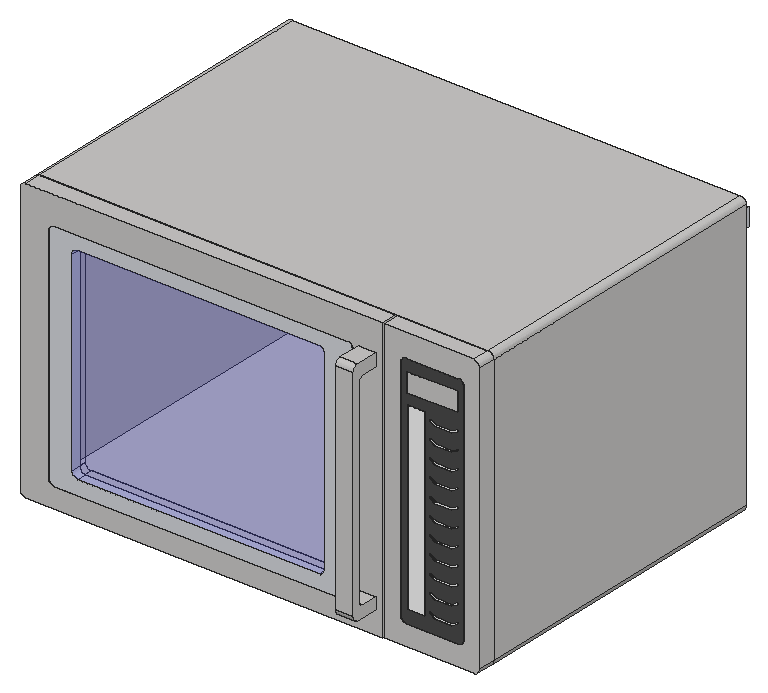
Revit family
Parameters (values of type "RMS10T")
  Weight in Pounds = 32
  Watts = 1150 W
  Watermarked By = "http://revitwatermark.com"
  Volts = 120 V
  URL Manufacturer = ""
  URL Cutsheet = ""
  URL = "www.acpsolutions.com"
  Status [instance] = ""
  Specification by User [instance] = ""
  Specification by Manufacturer = ""
  Serial Number = ""
  Seismic Rating [instance] = ""
  SMACNA No [instance] = ""
  Revision Code [instance] = ""
  Phase = 1
  Number of Poles [instance] = 1
  NAFEM Spec ID Number = ""
  Model = "RMS10T"
  Masterspec = ""
  Manufacturer = "Amana"
  Item Number [instance] = "-"
  Installed By [instance] = ""
  Identify Quantity as Lot [instance] = yes
  HP = ""
  Furnished By [instance] = ""
  Foodservice Equipment Identifier [instance] = yes
  FL Amps = 9.6 A
  Electrical Remarks [instance] = ""
  Electric Connection Type [instance] = ""
  Elec Conn RI Height [instance] = 0' - 0"
  Elec Conn Connection Height [instance] = 0' - 11 1/4"
  Description = "Microwave Oven"
  Cycle = 60 Hz
  Conn Plug = "NEMA 5-15"
  Conn Conduit = yes
  CSI MasterFormat = "11 44 16"
  Assembly Code = "E1090320"
  Apparent Power = if(Phase = 3, Volts * FL Amps * 1.73, Volts * FL Amps)  # 1152 VA
Types (3): name | Watermarked By | Model
  (no name) | "" | "RMS10T"
  RMS10T | "http://revitwatermark.com" | "RMS10T"
  RMS10TS | "BB" | "RMS10TS"
Reference planes (in)
  plane 1 "BACK": y = -1
  plane 2: z = 0
  plane 3 "LEFT": x = 0
  plane 4 "RIGHT": x = 20
  plane 5 "FRONT": y = -16.25
  plane 6 "TOP": z = 12.75
  plane 7: y = -1.75
  plane 8: y = -15.5
  plane 9: z = 0.5
  plane 10: x = 17.5
  plane 11: x = 2.5
  plane 12: y = -2.25
  plane 13: y = -13.5
  plane 14: z = 11.75
  plane 15: x = 18.75
  plane 16: y = -17.5
  plane 17: x = 19.5
  plane 18: x = 18
  plane 19: z = 11.91016
  plane 20: x = 23
  plane 21: z = 15.75
  plane 22: y = -29.97266
Forms (in)
  Extrusion 1, solid, material "QF_Finishes_Stainless Steel"
    sketch origin (0, -16.25, 0) x (1, 0, 0) y (0, 0, 1)
      loop
        arc (0.25, 12.75) -> (0.07322, 12.67678) -> (0, 12.5) r 0.25
        line (0, 12.5) -> (0, 0.75)
        arc (0, 0.75) -> (0.07322, 0.57322) -> (0.25, 0.5) r 0.25
        line (0.25, 0.5) -> (15.76643, 0.5) -> (15.76643, 12.75) -> (0.25, 12.75)
      loop
        line (1.24006, 11.25067) -> (1.24006, 1.62113)
        arc (1.24006, 1.62113) -> (1.31328, 1.44435) -> (1.49006, 1.37113) r 0.25
        line (1.49006, 1.37113) -> (14.24006, 1.37113)
        arc (14.24006, 1.37113) -> (14.41683, 1.44435) -> (14.49006, 1.62113) r 0.25
        line (14.49006, 1.62113) -> (14.49006, 11.25067)
        arc (14.49006, 11.25067) -> (14.41683, 11.42745) -> (14.24006, 11.50067) r 0.25
        line (14.24006, 11.50067) -> (1.49006, 11.50067)
        arc (1.49006, 11.50067) -> (1.31328, 11.42745) -> (1.24006, 11.25067) r 0.25
      loop
        arc (13.24719, 10.69398) -> (13.17396, 10.87075) -> (12.99719, 10.94398) r 0.25
        line (12.99719, 10.94398) -> (2.49719, 10.94398)
        arc (2.49719, 10.94398) -> (2.32041, 10.87075) -> (2.24719, 10.69398) r 0.25
        line (2.24719, 10.69398) -> (2.24719, 2.25)
        arc (2.24719, 2.25) -> (2.32041, 2.07322) -> (2.49719, 2) r 0.25
        line (2.49719, 2) -> (12.99719, 2)
        arc (12.99719, 2) -> (13.17396, 2.07322) -> (13.24719, 2.25) r 0.25
        line (13.24719, 2.25) -> (13.24719, 10.69398)
    from 0 to -0.75
  Extrusion 2, solid, material "QF_Finishes_Stainless Steel"
    sketch origin (0, -16.25, 0) x (1, 0, 0) y (0, 0, 1)
      loop
        arc (0.25, 12.75) -> (0.07322, 12.67678) -> (0, 12.5) r 0.25
        line (0, 12.5) -> (0, 0.75)
        arc (0, 0.75) -> (0.07322, 0.57322) -> (0.25, 0.5) r 0.25
        line (0.25, 0.5) -> (19.75, 0.5)
        arc (19.75, 0.5) -> (19.92678, 0.57322) -> (20, 0.75) r 0.25
        line (20, 0.75) -> (20, 12.5)
        arc (20, 12.5) -> (19.92678, 12.67678) -> (19.75, 12.75) r 0.25
        line (19.75, 12.75) -> (0.25, 12.75)
    from -0.75 to -14.5
  Extrusion 3, solid, material "QF_Finishes_Stainless Steel"
    sketch origin (0, -16.25, 0) x (1, 0, 0) y (0, 0, 1)
      loop
        line (19.75, 12.75) -> (15.85012, 12.75) -> (15.85012, 0.5) -> (19.75, 0.5)
        arc (19.75, 0.5) -> (19.92678, 0.57322) -> (20, 0.75) r 0.25
        line (20, 0.75) -> (20, 12.5)
        arc (20, 12.5) -> (19.92678, 12.67678) -> (19.75, 12.75) r 0.25
      loop
        line (19.07027, 11.75) -> (16.8153, 11.75)
        arc (16.8153, 11.75) -> (16.63852, 11.67678) -> (16.5653, 11.5) r 0.25
        line (16.5653, 11.5) -> (16.5653, 1.66169)
        arc (16.5653, 1.66169) -> (16.63852, 1.48491) -> (16.8153, 1.41169) r 0.25
        line (16.8153, 1.41169) -> (19.07027, 1.41169)
        arc (19.07027, 1.41169) -> (19.24704, 1.48491) -> (19.32027, 1.66169) r 0.25
        line (19.32027, 1.66169) -> (19.32027, 11.5)
        arc (19.32027, 11.5) -> (19.24704, 11.67678) -> (19.07027, 11.75) r 0.25
    from 0 to -0.75
  Extrusion 4, solid
    sketch origin (0, -16.25, 0) x (1, 0, 0) y (0, 0, 1)
      loop
        arc (1.49006, 11.50067) -> (1.31328, 11.42745) -> (1.24006, 11.25067) r 0.25
        line (1.24006, 11.25067) -> (1.24006, 1.62113)
        arc (1.24006, 1.62113) -> (1.31328, 1.44435) -> (1.49006, 1.37113) r 0.25
        line (1.49006, 1.37113) -> (14.24006, 1.37113)
        arc (14.24006, 1.37113) -> (14.41683, 1.44435) -> (14.49006, 1.62113) r 0.25
        line (14.49006, 1.62113) -> (14.49006, 11.25067)
        arc (14.49006, 11.25067) -> (14.41683, 11.42745) -> (14.24006, 11.50067) r 0.25
        line (14.24006, 11.50067) -> (1.49006, 11.50067)
      loop
        arc (2.49719, 10.78026) -> (2.32041, 10.70704) -> (2.24719, 10.53026) r 0.25
        line (2.24719, 10.53026) -> (2.24719, 2.25)
        arc (2.24719, 2.25) -> (2.32041, 2.07322) -> (2.49719, 2) r 0.25
        line (2.49719, 2) -> (12.99719, 2)
        arc (12.99719, 2) -> (13.17396, 2.07322) -> (13.24719, 2.25) r 0.25
        line (13.24719, 2.25) -> (13.24719, 10.53026)
        arc (13.24719, 10.53026) -> (13.17396, 10.70704) -> (12.99719, 10.78026) r 0.25
        line (12.99719, 10.78026) -> (2.49719, 10.78026)
    from 0 to -0.40807
  Extrusion 5, solid, material "QF_Finishes_Black"
    sketch origin (0, -16.25, 0) x (1, 0, 0) y (0, 0, 1)
      loop
        line (1.24006, 11.25067) -> (1.24006, 1.62113)
        arc (1.24006, 1.62113) -> (1.31328, 1.44435) -> (1.49006, 1.37113) r 0.25
        line (1.49006, 1.37113) -> (14.24006, 1.37113)
        arc (14.24006, 1.37113) -> (14.41683, 1.44435) -> (14.49006, 1.62113) r 0.25
        line (14.49006, 1.62113) -> (14.49006, 11.25067)
        arc (14.49006, 11.25067) -> (14.41683, 11.42745) -> (14.24006, 11.50067) r 0.25
        line (14.24006, 11.50067) -> (1.49006, 11.50067)
        arc (1.49006, 11.50067) -> (1.31328, 11.42745) -> (1.24006, 11.25067) r 0.25
      loop
        line (2.49719, 2) -> (12.99719, 2)
        arc (12.99719, 2) -> (13.17396, 2.07322) -> (13.24719, 2.25) r 0.25
        line (13.24719, 2.25) -> (13.24719, 10.53026)
        arc (13.24719, 10.53026) -> (13.17396, 10.70704) -> (12.99719, 10.78026) r 0.25
        line (12.99719, 10.78026) -> (2.49719, 10.78026)
        arc (2.49719, 10.78026) -> (2.32041, 10.70704) -> (2.24719, 10.53026) r 0.25
        line (2.24719, 10.53026) -> (2.24719, 2.25)
        arc (2.24719, 2.25) -> (2.32041, 2.07322) -> (2.49719, 2) r 0.25
    from -0.40807 to 0
  Extrusion 6, void
    sketch origin (0, -1, 0) x (1, 0, 0) y (0, 0, 1)
      loop
        line (0.38142, 12.25) -> (0.38142, 0.79643) -> (15.76643, 0.79643) -> (15.76643, 12.25) -> (0.38142, 12.25)
    from 1.0685 to 15.5
  Extrusion 7, void
    sketch origin (0, -16.25, 0) x (1, 0, 0) y (0, 0, 1)
      loop
        line (12.99719, 10.94398) -> (2.49719, 10.94398)
        arc (2.49719, 10.94398) -> (2.32041, 10.87075) -> (2.24719, 10.69398) r 0.25
        line (2.24719, 10.69398) -> (2.24719, 2.25)
        arc (2.24719, 2.25) -> (2.32041, 2.07322) -> (2.49719, 2) r 0.25
        line (2.49719, 2) -> (12.99719, 2)
        arc (12.99719, 2) -> (13.17396, 2.07322) -> (13.24719, 2.25) r 0.25
        line (13.24719, 2.25) -> (13.24719, 10.69398)
        arc (13.24719, 10.69398) -> (13.17396, 10.87075) -> (12.99719, 10.94398) r 0.25
    from 0 to -0.75
  Extrusion 8, solid, material "QF_Finishes_Glass"
    sketch origin (0, -16.25, 0) x (1, 0, 0) y (0, 0, 1)
      loop
        line (2.24719, 10.69398) -> (2.24719, 2.25)
        arc (2.24719, 2.25) -> (2.32041, 2.07322) -> (2.49719, 2) r 0.25
        line (2.49719, 2) -> (12.99719, 2)
        arc (12.99719, 2) -> (13.17396, 2.07322) -> (13.24719, 2.25) r 0.25
        line (13.24719, 2.25) -> (13.24719, 10.69398)
        arc (13.24719, 10.69398) -> (13.17396, 10.87075) -> (12.99719, 10.94398) r 0.25
        line (12.99719, 10.94398) -> (2.49719, 10.94398)
        arc (2.49719, 10.94398) -> (2.32041, 10.87075) -> (2.24719, 10.69398) r 0.25
    from 0 to -0.75
  Extrusion 9, solid, material "QF_Finishes_Black"
    sketch origin (0, 0, 0) x (1, 0, 0) y (0, 1, 0)
      loop
        circle (2.5, -2.25) r 0.25
      loop
        circle (17.5, -2.25) r 0.25
      loop
        circle (17.5, -13.5) r 0.25
      loop
        circle (2.5, -13.5) r 0.25
    from 0 to 0.5
  Extrusion 10, solid, material "QF_Finishes_Black"
    sketch origin (-4.32786, -16.25, -0.06396) x (1, 0, 0) y (0, 0, 1)
      loop
        arc (21.14315, 11.81396) -> (20.96637, 11.74074) -> (20.89315, 11.56396) r 0.25
        line (20.89315, 11.56396) -> (20.89315, 1.72565)
        arc (20.89315, 1.72565) -> (20.96637, 1.54887) -> (21.14315, 1.47565) r 0.25
        line (21.14315, 1.47565) -> (23.39812, 1.47565)
        arc (23.39812, 1.47565) -> (23.5749, 1.54887) -> (23.64812, 1.72565) r 0.25
        line (23.64812, 1.72565) -> (23.64812, 11.56396)
        arc (23.64812, 11.56396) -> (23.5749, 11.74074) -> (23.39812, 11.81396) r 0.25
        line (23.39812, 11.81396) -> (21.14315, 11.81396)
      loop
        line (21.20369, 10.03095) -> (21.20369, 2.06396) -> (21.95369, 2.06396) -> (21.95369, 10.03095) -> (21.20369, 10.03095)
      loop
        line (23.13483, 8.85495) -> (23.38188, 8.99385) -> (23.38188, 9.03041) -> (23.31938, 9.03041) -> (23.11847, 8.91745) -> (22.41049, 8.91745) -> (22.20675, 9.03095) -> (22.14425, 9.03095) -> (22.14425, 8.99423) -> (22.39425, 8.85495) -> (23.13483, 8.85495)
      loop
        line (21.1704, 11.31396) -> (21.1704, 10.49417) -> (23.35833, 10.49417) -> (23.35833, 11.31396) -> (21.1704, 11.31396)
      loop
        line (23.13483, 8.10495) -> (23.38188, 8.24385) -> (23.38188, 8.28041) -> (23.31938, 8.28041) -> (23.11847, 8.16745) -> (22.41049, 8.16745) -> (22.20675, 8.28095) -> (22.14425, 8.28095) -> (22.14425, 8.24423) -> (22.39425, 8.10495) -> (23.13483, 8.10495)
      loop
        line (23.13483, 7.35495) -> (23.38188, 7.49385) -> (23.38188, 7.53041) -> (23.31938, 7.53041) -> (23.11847, 7.41745) -> (22.41049, 7.41745) -> (22.20675, 7.53095) -> (22.14425, 7.53095) -> (22.14425, 7.49423) -> (22.39425, 7.35495) -> (23.13483, 7.35495)
      loop
        line (23.13483, 6.60495) -> (23.38188, 6.74385) -> (23.38188, 6.78041) -> (23.31938, 6.78041) -> (23.11847, 6.66745) -> (22.41049, 6.66745) -> (22.20675, 6.78095) -> (22.14425, 6.78095) -> (22.14425, 6.74423) -> (22.39425, 6.60495) -> (23.13483, 6.60495)
      loop
        line (23.13483, 5.84951) -> (23.38188, 5.98842) -> (23.38188, 6.02498) -> (23.31938, 6.02498) -> (23.11847, 5.91201) -> (22.41049, 5.91201) -> (22.20675, 6.02552) -> (22.14425, 6.02552) -> (22.14425, 5.98879) -> (22.39425, 5.84951) -> (23.13483, 5.84951)
      loop
        line (23.13483, 5.09951) -> (23.38188, 5.23842) -> (23.38188, 5.27498) -> (23.31938, 5.27498) -> (23.11847, 5.16201) -> (22.41049, 5.16201) -> (22.20675, 5.27552) -> (22.14425, 5.27552) -> (22.14425, 5.23879) -> (22.39425, 5.09951) -> (23.13483, 5.09951)
      loop
        line (23.13483, 4.34951) -> (23.38188, 4.48842) -> (23.38188, 4.52498) -> (23.31938, 4.52498) -> (23.11847, 4.41201) -> (22.41049, 4.41201) -> (22.20675, 4.52552) -> (22.14425, 4.52552) -> (22.14425, 4.48879) -> (22.39425, 4.34951) -> (23.13483, 4.34951)
      loop
        line (23.13483, 3.59951) -> (23.38188, 3.73842) -> (23.38188, 3.77498) -> (23.31938, 3.77498) -> (23.11847, 3.66201) -> (22.41049, 3.66201) -> (22.20675, 3.77552) -> (22.14425, 3.77552) -> (22.14425, 3.73879) -> (22.39425, 3.59951) -> (23.13483, 3.59951)
      loop
        line (23.13483, 2.84951) -> (23.38188, 2.98842) -> (23.38188, 3.02498) -> (23.31938, 3.02498) -> (23.11847, 2.91201) -> (22.41049, 2.91201) -> (22.20675, 3.02552) -> (22.14425, 3.02552) -> (22.14425, 2.98879) -> (22.39425, 2.84951) -> (23.13483, 2.84951)
      loop
        line (23.13483, 2.09951) -> (23.38188, 2.23842) -> (23.38188, 2.27498) -> (23.31938, 2.27498) -> (23.11847, 2.16201) -> (22.41049, 2.16201) -> (22.20675, 2.27552) -> (22.14425, 2.27552) -> (22.14425, 2.23879) -> (22.39425, 2.09951) -> (23.13483, 2.09951)
      loop
        line (22.39425, 9.60495) -> (23.13483, 9.60495) -> (23.38188, 9.74385) -> (23.38188, 9.78041) -> (23.31938, 9.78041) -> (23.11847, 9.66745) -> (22.41049, 9.66745) -> (22.20675, 9.78095) -> (22.14425, 9.78095) -> (22.14425, 9.74423) -> (22.39425, 9.60495)
    from -0.40807 to 0
  Extrusion 11, solid, material "QF_Finishes_Stainless Steel"
    sketch origin (-4.32786, -16.25, 0.43604) x (1, 0, 0) y (0, 0, 1)
      loop
        line (21.1704, 10.81396) -> (21.1704, 9.99417) -> (23.35833, 9.99417) -> (23.35833, 10.81396) -> (21.1704, 10.81396)
    from -0.40807 to 0
  Extrusion 12, solid, material "QF_Finishes_White"
    sketch origin (-4.32786, -16.25, 0.68604) x (1, 0, 0) y (0, 0, 1)
      loop
        line (22.20675, 9.03095) -> (22.14425, 9.03095) -> (22.14425, 8.99423) -> (22.39425, 8.85495) -> (23.13483, 8.85495) -> (23.38188, 8.99385) -> (23.38188, 9.03041) -> (23.31938, 9.03041) -> (23.11847, 8.91745) -> (22.41049, 8.91745) -> (22.20675, 9.03095)
      loop
        line (22.20675, 8.28095) -> (22.14425, 8.28095) -> (22.14425, 8.24423) -> (22.39425, 8.10495) -> (23.13483, 8.10495) -> (23.38188, 8.24385) -> (23.38188, 8.28041) -> (23.31938, 8.28041) -> (23.11847, 8.16745) -> (22.41049, 8.16745) -> (22.20675, 8.28095)
      loop
        line (22.20675, 7.53095) -> (22.14425, 7.53095) -> (22.14425, 7.49423) -> (22.39425, 7.35495) -> (23.13483, 7.35495) -> (23.38188, 7.49385) -> (23.38188, 7.53041) -> (23.31938, 7.53041) -> (23.11847, 7.41745) -> (22.41049, 7.41745) -> (22.20675, 7.53095)
      loop
        line (22.20675, 6.78095) -> (22.14425, 6.78095) -> (22.14425, 6.74423) -> (22.39425, 6.60495) -> (23.13483, 6.60495) -> (23.38188, 6.74385) -> (23.38188, 6.78041) -> (23.31938, 6.78041) -> (23.11847, 6.66745) -> (22.41049, 6.66745) -> (22.20675, 6.78095)
      loop
        line (22.20675, 6.02552) -> (22.14425, 6.02552) -> (22.14425, 5.98879) -> (22.39425, 5.84951) -> (23.13483, 5.84951) -> (23.38188, 5.98842) -> (23.38188, 6.02498) -> (23.31938, 6.02498) -> (23.11847, 5.91201) -> (22.41049, 5.91201) -> (22.20675, 6.02552)
      loop
        line (22.20675, 5.27552) -> (22.14425, 5.27552) -> (22.14425, 5.23879) -> (22.39425, 5.09951) -> (23.13483, 5.09951) -> (23.38188, 5.23842) -> (23.38188, 5.27498) -> (23.31938, 5.27498) -> (23.11847, 5.16201) -> (22.41049, 5.16201) -> (22.20675, 5.27552)
      loop
        line (22.20675, 4.52552) -> (22.14425, 4.52552) -> (22.14425, 4.48879) -> (22.39425, 4.34951) -> (23.13483, 4.34951) -> (23.38188, 4.48842) -> (23.38188, 4.52498) -> (23.31938, 4.52498) -> (23.11847, 4.41201) -> (22.41049, 4.41201) -> (22.20675, 4.52552)
      loop
        line (22.20675, 3.77552) -> (22.14425, 3.77552) -> (22.14425, 3.73879) -> (22.39425, 3.59951) -> (23.13483, 3.59951) -> (23.38188, 3.73842) -> (23.38188, 3.77498) -> (23.31938, 3.77498) -> (23.11847, 3.66201) -> (22.41049, 3.66201) -> (22.20675, 3.77552)
      loop
        line (22.20675, 3.02552) -> (22.14425, 3.02552) -> (22.14425, 2.98879) -> (22.39425, 2.84951) -> (23.13483, 2.84951) -> (23.38188, 2.98842) -> (23.38188, 3.02498) -> (23.31938, 3.02498) -> (23.11847, 2.91201) -> (22.41049, 2.91201) -> (22.20675, 3.02552)
      loop
        line (22.20675, 2.27552) -> (22.14425, 2.27552) -> (22.14425, 2.23879) -> (22.39425, 2.09951) -> (23.13483, 2.09951) -> (23.38188, 2.23842) -> (23.38188, 2.27498) -> (23.31938, 2.27498) -> (23.11847, 2.16201) -> (22.41049, 2.16201) -> (22.20675, 2.27552)
    from -0.40807 to 0
  Extrusion 13, solid, material "QF_Finishes_White"
    sketch origin (-4.32786, -16.25, 0.93604) x (1, 0, 0) y (0, 0, 1)
      loop
        line (21.20369, 9.03095) -> (21.20369, 1.06396) -> (21.95369, 1.06396) -> (21.95369, 9.03095) -> (21.20369, 9.03095)
    from -0.40807 to 0
  Extrusion 14, solid, material "QF_Finishes_Stainless Steel"
    sketch origin (-0.00698, 0, 0.03026) x (0, 1, 0) y (0, 0, 1)
      loop
        line (-16.25, 1.46974) -> (-16.25, 1.96009) -> (-16.96948, 1.96009)
        arc (-16.96948, 1.96009) -> (-17.14626, 2.03331) -> (-17.21948, 2.21009) r 0.25
        line (-17.21948, 2.21009) -> (-17.21948, 10.66372)
        arc (-17.21948, 10.66372) -> (-17.14626, 10.84049) -> (-16.96948, 10.91372) r 0.25
        line (-16.96948, 10.91372) -> (-16.25, 10.91372) -> (-16.25, 11.48934) -> (-17.25, 11.48934)
        arc (-17.25, 11.48934) -> (-17.42678, 11.41612) -> (-17.5, 11.23934) r 0.25
        line (-17.5, 11.23934) -> (-17.5, 1.71974)
        arc (-17.5, 1.71974) -> (-17.42678, 1.54296) -> (-17.25, 1.46974) r 0.25
        line (-17.25, 1.46974) -> (-16.25, 1.46974)
    from 14.74006 to 15.50698
  Extrusion 15, solid, material "QF_Finishes_White"
    sketch origin (0, -16.25, 0) x (1, 0, 0) y (0, 0, 1)
      loop
        line (18.08263, 2.09805) -> (17.87889, 2.21156) -> (17.81639, 2.21156) -> (17.81639, 2.17483) -> (18.06639, 2.03555) -> (18.80698, 2.03555) -> (19.05403, 2.17446) -> (19.05403, 2.21102) -> (18.99153, 2.21102) -> (18.79061, 2.09805) -> (18.08263, 2.09805)
    from -0.40807 to 0
  Extrusion 16, void
    sketch origin (0, -1, 0) x (1, 0, 0) y (0, 0, 1)
      loop
        line (19.08762, 11.96745) -> (18.41259, 11.96745) -> (18.41259, 11.53182) -> (19.08762, 11.53182) -> (19.08762, 11.96745)
    from 0.75 to 1.0685
  Extrusion 17, solid
    sketch origin (0, -1, 0) x (1, 0, 0) y (0, 0, 1)
      loop
        line (19.5, 11.91016) -> (19.08762, 11.91016) -> (19.08762, 11.53182) -> (18.41259, 11.53182) -> (18.41259, 11.91016) -> (18, 11.91016) -> (18, 11.12561) -> (19.5, 11.12561) -> (19.5, 11.91016)
    from 0 to 0.75
Cuts and joins
  Extrusion 6, Extrusion 7, Extrusion 16 cuts Extrusion 2
  Extrusion 7 cuts Extrusion 1
  Extrusion 7 cuts Extrusion 4
  Extrusion 7 cuts Extrusion 5
Lines and regions (in)
  symbolic lines
    curve 1: line (0, -1.75, 0) -> (18, -1.75, 0)
    curve 2: line (20, -1.75, 0) -> (20, -16.25, 0)
    curve 3: line (20, -16.25, 0) -> (15.5, -16.25, 0)
    curve 4: line (15.5, -16.25, 0) -> (15.5, -17.5, 0)
    curve 5: line (15.5, -17.5, 0) -> (14.73308, -17.5, 0)
    curve 6: line (14.73308, -17.5, 0) -> (14.73308, -16.25, 0)
    curve 7: line (14.73308, -16.25, 0) -> (0, -16.25, 0)
    curve 8: line (0, -16.25, 0) -> (0, -1.75, 0)
    curve 9: line (0, -15.5, 0) -> (20, -15.5, 0)
    curve 18: line (18, -1.75, 0) -> (18, -1, 0)
    curve 19: line (18, -1, 0) -> (19.5, -1, 0)
    curve 20: line (19.5, -1, 0) -> (19.5, -1.75, 0)
    curve 21: line (19.5, -1.75, 0) -> (20, -1.75, 0)
  symbolic lines, style "QF_Clearances"
    curve 10: line (-3, -16.25, 0) -> (-3, 0.75, 0)
    curve 11: line (-3, 0.75, 0) -> (23, 0.75, 0)
    curve 12: line (23, 0.75, 0) -> (23, -16.25, 0)
    curve 13: line (0, 1.25, 0) -> (0, 1.25, 15.75)
    curve 14: line (0, 1.25, 15.75) -> (0, -16.25, 15.75)
    curve 15: line (-3, -16.25, 0) -> (-3, -16.25, 15.75)
    curve 16: line (-3, -16.25, 15.75) -> (23, -16.25, 15.75)
    curve 17: line (23, -16.25, 15.75) -> (23, -16.25, 0)
    curve 22: line (0, -16.25, 0) -> (0, -29.97266, 0)
    curve 23: arc (0, -29.97266, 0) -> (10.63692, -26.27515, 0) -> (15.76643, -16.25, 0) r 15.11739
Dimensions and locks (in)
  aligned and locked: level to plane 2
Connectors (in)
  electrical at (18.7501, -2.0685, 11.74963)
    settings: on cut or joined group of Extrusion 2, Extrusion 6, Extrusion 7, Extrusion 16, index 1, voltage 0 V, apparent load 0 VA, apparent load phase1 0 VA, apparent load phase2 0 VA, apparent load phase3 0 VA, power factor 1, load classification "Other", number of poles 1, system type 31, power factor state 1, is connector primary yes, connector utility no, sub classification motor no, connector description ""
